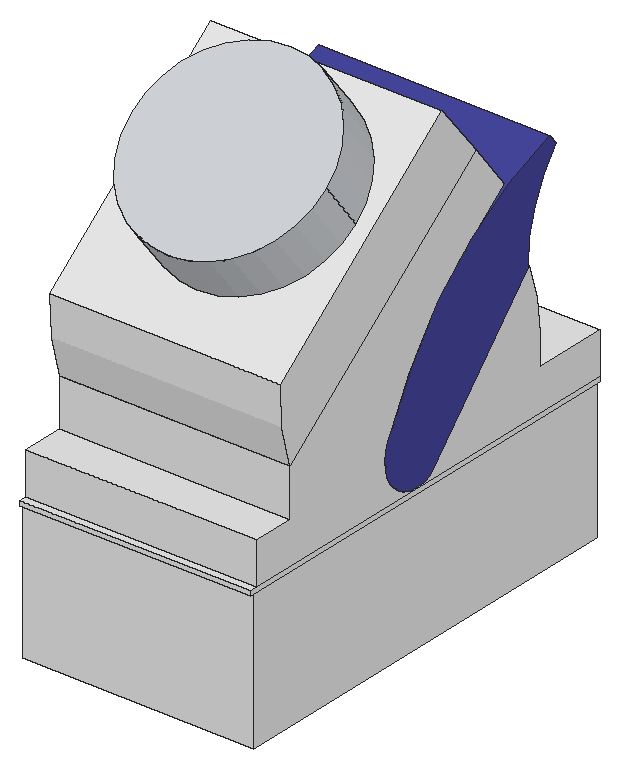
Revit family "Building-ConnessioniIEC309-GEWISS-COMBIBLOC-PRESE-INTERBLOCCATE_IP55", category Apparecchi elettrici, host Superficie, Revit 2019
Family settings
  Host = Superficie
  Mantenere orientamento annotazione = Sì
  Quota connettore circolare = Usa diametro
  Tipo di parte = Normale
  Taglio con vuoti quando caricato = No
  Condiviso = No
  Punto di calcolo locali = Sì
Parameters (values of type "GW66464 - COMBIBLOC C.F.IP55 3P+N+T 32A 400V 6H")
  visibilita posizionamento 2d [instance] = yes
  simbolo acceso [instance] = yes
  oggetto in pianta [instance] = not(visibilita posizionamento 2d)  # no
  distanza_simbolo [instance] = 1 mm
  distanza dal piano [instance] = 10 mm
  W = 115 mm  # constant formula
  Voltaggio = 0 V
  Versione file RFA = "21.4"
  VETRO = Vetro
  URL = "https://www.gewiss.com/it/it"
  Tipologia = "Compatta"
  Termopressione con biglia = "125 °C (Parti attive) - 80 °C (Parti passive)"
  Tensione nominale = "380-415V"
  Temperatura di utilizzo = "-25 +40 °C"
  Spostamento_effettivo_S [instance] = 4000 mm - Spostamento_S  # 2500 mm
  Spostamento_S = 1500 mm
  Simbolo circuito [instance] = not(simbolo acceso)  # no
  Scheda Tecnica = "https://www.gewiss.com/it/it/search?q=GW66464"
  STRUTTURA ALTA = blue
  STRUTTURA = RAL - 7035
  SEO = "Presa interbloccata"
  Riferimento h = "6"
  Resistenza agli urti = "IK08"
  Protezione = "NO (SBF)"
  Default Elevation = 1219.2 mm
  Produttore = "GEWISS S.p.A."
  PRESA = Giallo
  POMELLO = bianco
  N.poli = 1
  N. poli = "3P+N+T"
  Modello = "GW66464"
  L = 155 mm  # constant formula
  Immagine tipo = COMBIBLOC55Fondo.jpg
  IDT = "876c997d56934812acb3c8df0937ea93"
  IDF = "b7f7b9c2-e9bc-4798-b8cf-a7b123c56d69"
  Grado di protezione = "IP55"
  Glow wire test: = "850 °C (Parti attive) - 650 °C (Parti passive)"
  Frequenza = "50/60 Hz"
  FORMULA = 1000 mm * 1  # 1000 mm
  Descrizione = "COMBIBLOC C.F.IP55 3P+N+T 32A 400V 6H"
  Creato da GEWISS S.p.A. = ""
  Corrente nominale (A) = "32"
  Con fondo = "Si"
  Colore: = "Rosso"
  Codice Electrocod = "2221"
  Catalogo = "BUILDING"
  COBie.Tagnumber = ""
  COBie.CreatedOn = ""
  COBie.CreatebBy = ""
  COBie.ComponentRegisterItemID = ""
  COBie.Component.TagNumber = ""
  COBie.Component.Space = ""
  COBie.Component.SerialNumber = ""
  COBie.Component.InstallationDate = ""
  COBie.Component.Description = ""
  COBie.Component.BarCode = ""
  BLOCCO = "B=C"
Types (18, lengths in mm): name | Tensione nominale | Scheda Tecnica | Riferimento h | N. poli | Modello | IDT | Descrizione | Corrente nominale (A) | Colore:
  GW66445 - COMBIBLOC C.F.IP55 2P+T 16A 110V 4H | "100-130V" | "https://www.gewiss.com/it/it/search?q=GW66445" | "4" | "2P+T" | "GW66445" | "b09452ff25ac442893329a4a0de9fcee" | "COMBIBLOC C.F.IP55 2P+T 16A 110V 4H" | "16" | "Giallo"
  GW66446 - COMBIBLOC C.F.IP55 3P+T 16A 110V 4H | "100-130V" | "https://www.gewiss.com/it/it/search?q=GW66446" | "4" | "3P+T" | "GW66446" | "db5131f6e46f4e828b9ed6ba1a618e3c" | "COMBIBLOC C.F.IP55 3P+T 16A 110V 4H" | "16" | "Giallo"
  GW66447 - COMBIBLOC C.F.IP55 3P+N+T 16A 110V 4H | "100-130V" | "https://www.gewiss.com/it/it/search?q=GW66447" | "4" | "3P+N+T" | "GW66447" | "de1b0f7fbfe543dc93f8b9365bd4d81b" | "COMBIBLOC C.F.IP55 3P+N+T 16A 110V 4H" | "16" | "Giallo"
  GW66448 - COMBIBLOC C.F.IP55 2P+T 16A 230V 6H | "200-250V" | "https://www.gewiss.com/it/it/search?q=GW66448" | "6" | "2P+T" | "GW66448" | "55ab65af9c004d1cbb5288e64484fea4" | "COMBIBLOC C.F.IP55 2P+T 16A 230V 6H" | "16" | "Blu"
  GW66449 - COMBIBLOC C.F.IP55 3P+T 16A 230V 9H | "200-250V" | "https://www.gewiss.com/it/it/search?q=GW66449" | "9" | "3P+T" | "GW66449" | "868b530c4a70465f829466fb0b1eaaf2" | "COMBIBLOC C.F.IP55 3P+T 16A 230V 9H" | "16" | "Blu"
  GW66450 - COMBIBLOC C.F.IP55 3P+N+T 16A 230V 9H | "200-250V" | "https://www.gewiss.com/it/it/search?q=GW66450" | "9" | "3P+N+T" | "GW66450" | "bf9c21a16fe543718146ce83022bdf6b" | "COMBIBLOC C.F.IP55 3P+N+T 16A 230V 9H" | "16" | "Blu"
  GW66451 - COMBIBLOC C.F.IP55 2P+T 16A 400V 9H | "380-415V" | "https://www.gewiss.com/it/it/search?q=GW66451" | "9" | "2P+T" | "GW66451" | "f6c53e2ba25f4543bf696e0c91b9b066" | "COMBIBLOC C.F.IP55 2P+T 16A 400V 9H" | "16" | "Rosso"
  GW66452 - COMBIBLOC C.F.IP55 3P+T 16A 400V 6H | "380-415V" | "https://www.gewiss.com/it/it/search?q=GW66452" | "6" | "3P+T" | "GW66452" | "8767d4b3d40f4c2bbcaa7f25e24205d3" | "COMBIBLOC C.F.IP55 3P+T 16A 400V 6H" | "16" | "Rosso"
  GW66453 - COMBIBLOC C.F.IP55 3P+N+T 16A 400V 6H | "380-415V" | "https://www.gewiss.com/it/it/search?q=GW66453" | "6" | "3P+N+T" | "GW66453" | "d04e8b1e069a44cb8a85c82e5740e626" | "COMBIBLOC C.F.IP55 3P+N+T 16A 400V 6H" | "16" | "Rosso"
  GW66456 - COMBIBLOC C.F.IP55 2P+T 32A 110V 4H | "100-130V" | "https://www.gewiss.com/it/it/search?q=GW66456" | "4" | "2P+T" | "GW66456" | "21656f604b3a4bf9a064876fc2253162" | "COMBIBLOC C.F.IP55 2P+T 32A 110V 4H" | "32" | "Giallo"
  GW66457 - COMBIBLOC C.F.IP55 3P+T 32A 110V 4H | "100-130V" | "https://www.gewiss.com/it/it/search?q=GW66457" | "4" | "3P+T" | "GW66457" | "f6f52fbc62e74107928557f2cbd2df79" | "COMBIBLOC C.F.IP55 3P+T 32A 110V 4H" | "32" | "Giallo"
  GW66458 - COMBIBLOC C.F.IP55 3P+N+T 32A 110V 4H | "100-130V" | "https://www.gewiss.com/it/it/search?q=GW66458" | "4" | "3P+N+T" | "GW66458" | "a8d3a18fa07045d092c7ba581f830720" | "COMBIBLOC C.F.IP55 3P+N+T 32A 110V 4H" | "32" | "Giallo"
  GW66459 - COMBIBLOC C.F.IP55 2P+T 32A 230V 6H | "200-250V" | "https://www.gewiss.com/it/it/search?q=GW66459" | "6" | "2P+T" | "GW66459" | "7de474a6754747379086d3b2fb19f4a8" | "COMBIBLOC C.F.IP55 2P+T 32A 230V 6H" | "32" | "Blu"
  GW66460 - COMBIBLOC C.F.IP55 3P+T 32A 230V 9H | "200-250V" | "https://www.gewiss.com/it/it/search?q=GW66460" | "9" | "3P+T" | "GW66460" | "3cee7ab284844219b1d9c562e73a48c8" | "COMBIBLOC C.F.IP55 3P+T 32A 230V 9H" | "32" | "Blu"
  GW66461 - COMBIBLOC C.F.IP55 3P+N+T 32A 230V 9H | "200-250V" | "https://www.gewiss.com/it/it/search?q=GW66461" | "9" | "3P+N+T" | "GW66461" | "7ef4b38a4bd2483f9469cf6301273efc" | "COMBIBLOC C.F.IP55 3P+N+T 32A 230V 9H" | "32" | "Blu"
  GW66462 - COMBIBLOC C.F.IP55 2P+T 32A 400V 9H | "380-415V" | "https://www.gewiss.com/it/it/search?q=GW66462" | "9" | "2P+T" | "GW66462" | "81fb9989d58847c6b0e5770cfc32f3c5" | "COMBIBLOC C.F.IP55 2P+T 32A 400V 9H" | "32" | "Rosso"
  GW66463 - COMBIBLOC C.F.IP55 3P+T 32A 400V 6H | "380-415V" | "https://www.gewiss.com/it/it/search?q=GW66463" | "6" | "3P+T" | "GW66463" | "1dc568f1d2a24ade84519dbed37bc727" | "COMBIBLOC C.F.IP55 3P+T 32A 400V 6H" | "32" | "Rosso"
  GW66464 - COMBIBLOC C.F.IP55 3P+N+T 32A 400V 6H | "380-415V" | "https://www.gewiss.com/it/it/search?q=GW66464" | "6" | "3P+N+T" | "GW66464" | "876c997d56934812acb3c8df0937ea93" | "COMBIBLOC C.F.IP55 3P+N+T 32A 400V 6H" | "32" | "Rosso"
Reference planes
  plane 1 "Centro (Fronte/Retro)": y = 0
  plane 2: z = 0
  plane 3 "Centro (Sinistra/Destra)": x = 0
  plane 4: x = -3000
  plane 5: x = -500
  plane 6: z = 10
Lines and regions (mm)
  symbolic lines, visible <- "visibilita posizionamento 2d"
    curve 1: line (0, 0, 10) -> (0, 0, 155)
    curve 2: line (0, 0, 155) -> (71, 0, 155)
    curve 3: line (71, 0, 155) -> (71, 0, 10)
    curve 4: line (0, 0, 10) -> (71, 0, 10)
  symbolic lines, visible <- "visibilita posizionamento 2d", not visible
    curve 5: line (0, 0, 0) -> (0, 0, 145)
    curve 6: line (0, 0, 145) -> (71, 0, 145)
    curve 7: line (71, 0, 145) -> (71, 0, 0)
    curve 8: line (0, 0, 0) -> (71, 0, 0)
Dimensions and locks
  plane 4 to plane 3 "Centro (Sinistra/Destra)" = 3000 mm
  "Spostamento_effettivo_S": plane 4 to plane 5
  "distanza dal piano": plane 6 to plane 2
  aligned and locked: plane 2 to host face
  aligned and locked: level to host face
  aligned and locked: nested 1 to plane 5
  aligned and locked: curve 4 to plane 6
  aligned and locked: plane 5 to nested 2
  aligned and locked: plane 3 "Centro (Sinistra/Destra)" to nested 3
Automatic sketch dimensions
  host sketch curve to host sketch curve = 2438.4 mm  (x2)
  curve 1 to curve 3 = 71 mm
  curve 3 to curve 3 = 145 mm
  curve 5 to curve 7 = 71 mm
  curve 7 to curve 7 = 145 mm
Nested families
  nested 1: "PRESAINDPFUS" at (-500, 247.795, 0), SIMBOLO ACCESO <- "simbolo acceso", Distanza dal muro <- "distanza_simbolo", visible <- "simbolo acceso", type "3P"
    with SIMBOLO ACCESO yes, Distanza dal muro 1 mm, BORDO ACCESO yes
  nested 2: "simbolo_circuitoGW66201N" at (-499.076, 249.682, 0), Distanza dal muro <- "distanza_simbolo", visible <- "Simbolo circuito", type "3P"
    with SIMBOLO ACCESO yes, Distanza dal muro 1 mm, BORDO ACCESO yes
  nested 3: "COMBIBLOC S.F.IP44 2P+T 16A 110V 4H.rfa_BASE" at (0, -8.089, 0), type "COMBIBLOC S.F.IP44 2P+T 16A 110V 4H.rfa_BASE"
Definition of nested family "COMBIBLOC S.F.IP44 2P+T 16A 110V 4H.rfa_BASE"
  Parameters (values of type "COMBIBLOC S.F.IP44 2P+T 16A 110V 4H.rfa_BASE")
    CENTRALE = none
  Reference planes
    plane 1 "Centro (Fronte/Retro)": y = 0
    plane 2: z = 0
    plane 3 "Centro (Sinistra/Destra)": x = 0
    plane 4 "EEE": through (4267.2, -291.041, 143.375) normal (0, -0.788, -0.6157)
    plane 5: x = 71
    plane 6: x = 51
    plane 7: x = 48
  Forms (mm)
    Extrusion 1, solid
      sketch origin (0, -203.338, -194.725) x (0, 0, -1) y (0, 1, 0)
        loop
          line (-194.725, 132.823) -> (-194.725, 264.821) -> (-237.225, 264.821) -> (-237.225, 132.823) -> (-194.725, 132.823)
      from 0 to 71
    Extrusion 2, solid
      sketch origin (0, -203.338, -194.725) x (0, 0, -1) y (0, 1, 0)
        loop
          line (-322.202, 218.222) -> (-266.481, 146.902) -> (-251.685, 146.876) -> (-251.685, 134.073) -> (-238.63, 134.073) -> (-238.63, 266.073) -> (-251.685, 266.073) -> (-251.685, 242.988) -> (-260.817, 242.988)
          arc (-260.817, 242.988) -> (-271.303, 241.907) -> (-281.357, 238.739) r 51.89
          line (-281.357, 238.739) -> (-239.989, 200.756)
          arc (-239.989, 200.756) -> (-243.657, 186.196) -> (-258.66, 185.608) r 12.53
          arc (-258.66, 185.608) -> (-277.82, 196.415) -> (-294.049, 211.266) r 96.883
          arc (-294.049, 211.266) -> (-301.135, 220.206) -> (-308.19, 229.17) r 3334.308
          line (-308.19, 229.17) -> (-322.202, 218.222)
      from 0 to 71
    Extrusion 3, solid
      sketch origin (0, -203.338, -194.725) x (0, 0, -1) y (0, 1, 0)
        loop
          arc (-313.71, 246.882) -> (-293.021, 210.103) -> (-258.66, 185.608) r 96.883
          arc (-258.66, 185.608) -> (-243.657, 186.196) -> (-239.989, 200.756) r 12.53
          line (-239.989, 200.756) -> (-280.857, 238.28)
          arc (-280.857, 238.28) -> (-296.734, 241.043) -> (-310.55, 249.339) r 43.984
          line (-310.55, 249.339) -> (-313.71, 246.882)
      from 0 to 71
    Extrusion 4, solid
      sketch origin (0, -203.338, -194.725) x (0, 0, -1) y (0, 1, 0)
        loop
          line (-322.202, 218.222) -> (-338.825, 205.235) -> (-290.465, 143.337)
          arc (-290.465, 143.337) -> (-278.287, 143.866) -> (-266.482, 146.903) r 58.569
          line (-266.482, 146.903) -> (-322.202, 218.222)
      from 0 to 71
    Extrusion 5, solid
      sketch origin (2.5, -229.189, -136.882) x (0, -0.788011, -0.615661) y (1, 0, 0)
        loop
          circle (-320.903, 33.712) r 30
      from 79.145 to 97.62
    Extrusion 6, solid
      sketch origin (0, 52.766, 5.365) x (0, 0, -1) y (0, 1, 0)
        loop
          line (-38.54, 9.97) -> (-38.54, -124.428) -> (-37.165, -124.428) -> (-37.165, 9.97) -> (-38.54, 9.97)
      from 0 to 71
    Extrusion 7, solid, not visible
      sketch origin (0, 200.09, -256.103) x (0, 1, 0) y (0, 0, 1)
        loop
          line (-194.725, 132.823) -> (-194.725, 264.821) -> (-237.225, 264.821) -> (-237.225, 132.823) -> (-194.725, 132.823)
      from 0 to 71
    Extrusion 8, solid, not visible
      sketch origin (0, 200.09, -256.103) x (0, 1, 0) y (0, 0, 1)
        loop
          line (-322.202, 218.222) -> (-266.481, 146.902) -> (-251.685, 146.876) -> (-251.685, 134.073) -> (-238.63, 134.073) -> (-238.63, 266.073) -> (-251.685, 266.073) -> (-251.685, 242.988) -> (-260.817, 242.988)
          arc (-260.817, 242.988) -> (-271.303, 241.907) -> (-281.357, 238.739) r 51.89
          line (-281.357, 238.739) -> (-239.989, 200.756)
          arc (-239.989, 200.756) -> (-243.657, 186.196) -> (-258.66, 185.608) r 12.53
          arc (-258.66, 185.608) -> (-277.82, 196.415) -> (-294.049, 211.266) r 96.883
          arc (-294.049, 211.266) -> (-301.135, 220.206) -> (-308.19, 229.17) r 3334.308
          line (-308.19, 229.17) -> (-322.202, 218.222)
      from 0 to 71
    Extrusion 9, solid, not visible
      sketch origin (0, 200.09, -256.103) x (0, 1, 0) y (0, 0, 1)
        loop
          arc (-313.71, 246.882) -> (-293.021, 210.103) -> (-258.66, 185.608) r 96.883
          arc (-258.66, 185.608) -> (-243.657, 186.196) -> (-239.989, 200.756) r 12.53
          line (-239.989, 200.756) -> (-280.857, 238.28)
          arc (-280.857, 238.28) -> (-296.734, 241.043) -> (-310.55, 249.339) r 43.984
          line (-310.55, 249.339) -> (-313.71, 246.882)
      from 0 to 71
    Extrusion 10, solid, not visible
      sketch origin (0, 200.09, -256.103) x (0, 1, 0) y (0, 0, 1)
        loop
          line (-322.202, 218.222) -> (-338.825, 205.235) -> (-290.465, 143.337)
          arc (-290.465, 143.337) -> (-278.287, 143.866) -> (-266.482, 146.903) r 58.569
          line (-266.482, 146.903) -> (-322.202, 218.222)
      from 0 to 71
    Extrusion 11, solid, not visible
      sketch origin (2.5, 142.247, -281.955) x (0, 0.615661, -0.788011) y (1, 0, 0)
        loop
          circle (-320.903, 33.712) r 30
      from 79.145 to 97.62
    Extrusion 12, solid, not visible
      sketch origin (0, 0, 0) x (0, 1, 0) y (0, 0, 1)
        loop
          line (-38.54, 9.97) -> (-38.54, -124.428) -> (-37.165, -124.428) -> (-37.165, 9.97) -> (-38.54, 9.97)
      from 0 to 71
  Dimensions and locks
    plane 3 "Centro (Sinistra/Destra)" to plane 5 = 71 mm
    locked: plane 7 to plane 6 at 3
    aligned and locked: level to plane 2
    aligned and locked: Extrusion 1 to plane 5
    aligned and locked: Extrusion 1 to Extrusion 2
    aligned and locked: Extrusion 3 to Extrusion 1
    aligned and locked: Extrusion 4 to Extrusion 1
    aligned and locked: Extrusion 1 to Extrusion 6
    aligned and locked: Extrusion 5 to Extrusion 4
    aligned and locked: Extrusion 11 to Extrusion 10
Definition of nested family "PRESAINDPFUS"
  Parameters (values of type "2P")
    SIMBOLO ACCESO [instance] = yes
    SIMBOLO = PRESAINDPFUS_BASE : 2P
    Distanza dal muro [instance] = 0 mm
    BORDO ACCESO [instance] = yes
  Types (2, lengths in mm): name | SIMBOLO
    2P | PRESAINDPFUS_BASE : 2P
    3P | PRESAINDPFUS_BASE : 3P
  Reference planes
    plane 1: y = 0
    plane 2: x = 0
  Dimensions and locks
    "Distanza dal muro": plane 1 to nested 1
    aligned and locked: plane 2 to nested 1
  Nested families
    nested 1: "PRESAINDPFUS_BASE" at (0, 0, 0), type <- "SIMBOLO", CORNICE SIMBOLO <- "BORDO ACCESO", visible <- "SIMBOLO ACCESO", type "2P"
  Definition of nested family "PRESAINDPFUS_BASE"
    Parameters (values of type "3P")
      CORNICE SIMBOLO [instance] = yes
      3P = yes
    Types (2, lengths in mm): name | 3P
      3P | yes
      2P | no
    Reference planes
      plane 1: y = 0
      plane 2: x = 0
    Lines and regions (mm)
      detail lines, visible <- "CORNICE SIMBOLO"
        curve 1: line (-0.9, 2.4, 0) -> (0.9, 2.4, 0)
        curve 2: line (0.9, 2.4, 0) -> (0.9, 0.1, 0)
        curve 3: line (0.9, 0.1, 0) -> (-0.9, 0.1, 0)
        curve 4: line (-0.9, 0.1, 0) -> (-0.9, 2.4, 0)
      detail lines, not visible
        curve 5: line (-2.443, 10.208, 0) -> (2.057, 10.208, 0)
        curve 6: line (2.057, 10.208, 0) -> (2.057, 4.208, 0)
        curve 7: line (2.057, 4.208, 0) -> (-2.443, 4.208, 0)
        curve 8: line (-2.443, 4.208, 0) -> (-2.443, 10.208, 0)
        curve 9: line (-2.043, 9.808, 0) -> (1.657, 9.808, 0)
        curve 10: line (1.657, 9.808, 0) -> (1.657, 4.608, 0)
        curve 11: line (1.657, 4.608, 0) -> (-2.043, 4.608, 0)
        curve 12: line (-2.043, 4.608, 0) -> (-2.043, 9.808, 0)
      detail lines
        curve 13: line (-0.45, 1.069, 0) -> (-0.167, 1.069, 0)
        curve 14: line (-0.167, 1.069, 0) -> (0.33, 1.929, 0)
        curve 15: line (0.33, 1.929, 0) -> (0.836, 1.636, 0)
        curve 16: line (-0.167, 1.069, 0) -> (-0.45, 0.578, 0)
        curve 17: line (-0.45, 0.578, 0) -> (-0.45, 2.341, 0)
        curve 18: line (0.135, 1.591, 0) -> (0.641, 1.299, 0)
        curve 19: line (-0.84, 0.578, 0) -> (-0.06, 0.578, 0)
        curve 20: line (-0.45, 0.952, 0) -> (-0.333, 1.069, 0)
        curve 21: line (-0.45, 0.883, 0) -> (-0.264, 1.069, 0)
        curve 22: line (-0.45, 0.814, 0) -> (-0.195, 1.069, 0)
        curve 23: line (-0.45, 0.745, 0) -> (-0.223, 0.972, 0)
        curve 24: line (-0.45, 0.676, 0) -> (-0.317, 0.809, 0)
        curve 26: arc (-0.84, 0.189, 0) -> (-0.45, 0.578, 0) -> (-0.06, 0.189, 0) r 0.39
        curve 27: line (-0.608, 1.243, 0) -> (-0.608, 2.064, 0)
        curve 28: line (-0.608, 2.064, 0) -> (-0.292, 2.064, 0)
        curve 29: line (-0.292, 2.064, 0) -> (-0.292, 1.243, 0)
        curve 30: line (-0.292, 1.243, 0) -> (-0.608, 1.243, 0)
      detail lines, visible <- "3P"
        curve 25: line (-0.06, 1.254, 0) -> (0.446, 0.961, 0)
Definition of nested family "simbolo_circuitoGW66201N"
  Parameters (values of type "3P")
    SIMBOLO ACCESO [instance] = yes
    SIMBOLO = PRESAINDSTAGNA_BASE : 3P
    Distanza dal muro [instance] = 0 mm
    BORDO ACCESO [instance] = yes
  Reference planes
    plane 1: y = 0
    plane 2: x = 0
  Dimensions and locks
    "Distanza dal muro": plane 1 to nested 1
    aligned and locked: plane 2 to nested 1
  Nested families
    nested 1: "GW66201N-simb_base_di circuito" at (0, 0, 0), visible <- "SIMBOLO ACCESO", type "3P"
      with CORNICE SIMBOLO yes
  Definition of nested family "GW66201N-simb_base_di circuito"
    Parameters (values of type "3P")
      CORNICE SIMBOLO [instance] = yes
      3P = yes
    Types (2, lengths in mm): name | 3P
      3P | yes
      2P | no
    Reference planes
      plane 1: y = 0
      plane 2: x = 0
    Lines and regions (mm)
      detail lines, not visible
        curve 1: line (-2.443, 10.208, 0) -> (2.057, 10.208, 0)
        curve 2: line (2.057, 10.208, 0) -> (2.057, 4.208, 0)
        curve 3: line (2.057, 4.208, 0) -> (-2.443, 4.208, 0)
        curve 4: line (-2.443, 4.208, 0) -> (-2.443, 10.208, 0)
        curve 5: line (-2.043, 9.808, 0) -> (1.657, 9.808, 0)
        curve 6: line (1.657, 9.808, 0) -> (1.657, 4.608, 0)
        curve 7: line (1.657, 4.608, 0) -> (-2.043, 4.608, 0)
        curve 8: line (-2.043, 4.608, 0) -> (-2.043, 9.808, 0)
    Dimensions and locks
      aligned and locked: import instance to plane 2
      aligned and locked: plane 1 to import instance
